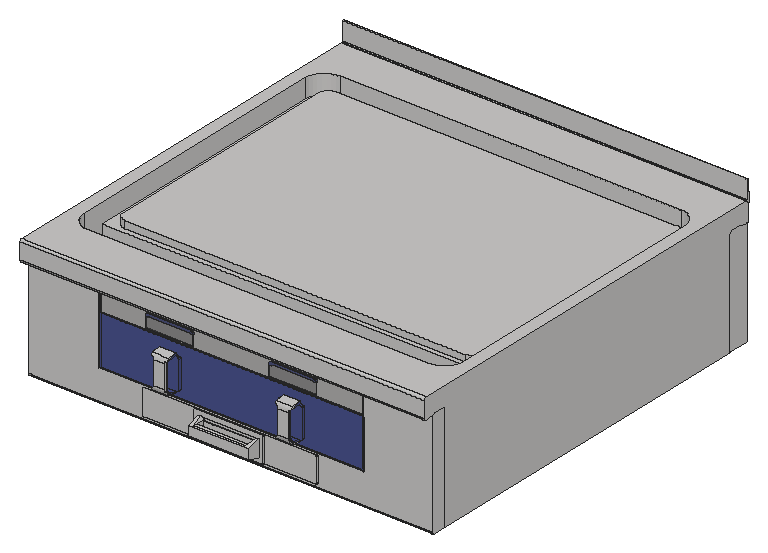
Revit family "QF_ELECTROLUXPROFESSIONAL_588059_MAHMABHOAO", category Specialty Equipment, Revit 2018
Family settings
  Round Connector Dimension = Use Diameter
  Part Type = Normal
  Work Plane-Based = No
  Always vertical = Yes
  Cut with Voids When Loaded = No
  Shared = No
  Room Calculation Point = No
Parameters
  Weight in Pounds = 264.6  # constant formula
  Watts = 15300 VA  # 15300 W
  Volts = 400 V  # constant formula
  URL Cutsheet = ""
  Type Mark [instance] = ""
  Status [instance] = ""
  Specification by User [instance] = ""
  Specification by Manufacturer = ""
  Show Clearance [instance] = yes
  Serial Number = ""
  Seismic Rating = ""
  SMACNA No = ""
  Revision Code [instance] = ""
  Phase = 3  # constant formula
  Omniclass Number and Title = ""
  Number of Poles [instance] = 1
  NAFEM Spec ID Number = ""
  Model = "588059"
  Min Ckt Ampacity = 0 A
  Max Overcurrent Protection = 0 A
  Masterspec = ""
  Manufacturer = "ELECTROLUX"
  Item Number [instance] = ""
  Installed By [instance] = ""
  Identify Quantity as Lot [instance] = yes
  HP = "20.5 HP"
  Furnished By [instance] = ""
  Foodservice Equipment Identifier [instance] = yes
  FL Amps [instance] = if(Phase = 3, Watts / (Volts * 1.73), Watts / Volts)  # 22.1098 A
  Electrical Remarks = "400 V/3N ph/50/60 Hz"  # constant formula
  Electric Connection Type [instance] = ""
  Elec Conn RI Height [instance] = 0 mm
  Elec Conn Connection Height [instance] = 0 mm
  Direct Waste Size = 0"
  Description = "EL.FRYTOP,SMOOTH PL,1S,BSPL,800X800X250"
  Cycle [instance] = if([60 Hertz Option], 60 Hz, 50 Hz)  # 60 Hz
  Conn Plug = ""
  Conn Conduit = yes
  CSI MasterFormat = ""
  CSI Master Format = ""
  Apparent Power [instance] = if(Phase = 3, Volts * FL Amps * 1.73, Volts * FL Amps)  # 15300 VA
  60 Hertz Option [instance] = not([50 Hertz Option])  # yes
  50 Hertz Option [instance] = no
Reference planes
  plane 1 "BACK": y = -100
  plane 2: z = 0
  plane 3 "LEFT": x = 0
  plane 4 "RIGHT": x = 800
  plane 5 "FRONT": y = -900
  plane 6 "TOP": z = 250
  plane 7: x = 400
  plane 8: y = -500
  plane 9: z = 582.185
  plane 10: y = -1330
Forms (mm)
  Extrusion 1, solid, material "QF_Finishes_Stainless Steel"
    sketch origin (0, -487.128, 0) x (0, 1, 0) y (0, 0, 1)
      loop
        line (383.128, 250) -> (-408.872, 250)
        arc (-408.872, 250) -> (-411.7, 248.828) -> (-412.872, 246) r 4
        line (-412.872, 246) -> (-412.872, 214)
        arc (-412.872, 214) -> (-411.443, 210.936) -> (-408.177, 210.061) r 4
        line (-408.177, 210.061) -> (-391.509, 213) -> (-366.872, 213) -> (-366.872, 0) -> (341.128, 0) -> (341.128, 213) -> (365.765, 213) -> (382.433, 210.061)
        arc (382.433, 210.061) -> (385.699, 210.936) -> (387.128, 214) r 4
        line (387.128, 214) -> (387.128, 246)
        arc (387.128, 246) -> (385.956, 248.828) -> (383.128, 250) r 4
    from 0 to 800
  Extrusion 2, void
    sketch origin (653.786, -55.952, 250) x (1, 0, 0) y (0, -1, 0)
      loop
        line (-590.636, 133.048) -> (83.064, 133.048)
        arc (83.064, 133.048) -> (110.04, 144.222) -> (121.214, 171.198) r 38.15
        line (121.214, 171.198) -> (121.214, 716.572)
        arc (121.214, 716.572) -> (109.944, 743.779) -> (82.737, 755.048) r 38.476
        line (82.737, 755.048) -> (-591.786, 755.048)
        arc (-591.786, 755.048) -> (-617.949, 744.211) -> (-628.786, 718.048) r 37
        line (-628.786, 718.048) -> (-628.786, 171.198)
        arc (-628.786, 171.198) -> (-617.613, 144.222) -> (-590.636, 133.048) r 38.15
    from 0 to 37
  Extrusion 3, void
    sketch origin (1307.573, -7.904, 213) x (0, 1, 0) y (1, 0, 0)
      loop
        line (-721.846, -532.573) -> (-764.62, -532.573)
        arc (-764.62, -532.573) -> (-791.827, -543.842) -> (-803.096, -571.049) r 38.476
        line (-803.096, -571.049) -> (-803.096, -1245.573)
        arc (-803.096, -1245.573) -> (-792.259, -1271.736) -> (-766.096, -1282.573) r 37
        line (-766.096, -1282.573) -> (-721.846, -1282.573) -> (-721.846, -532.573)
    from 0 to 25.6
  Extrusion 4, void
    sketch origin (1612.573, -7.904, 187.4) x (-1, 0, 0) y (0, 1, 0)
      loop
        circle (1212.573, -762.096) r 22.248
    from 0 to 92
  Extrusion 5, solid, material "QF_Finishes_Stainless Steel"
    sketch origin (0, -754, 0) x (1, 0, 0) y (0, -1, 0)
      loop
        circle (755, -69) r 6.35
    from 0 to 3.2
  Extrusion 6, solid, material "QF_Door-Drawer Clearances", visible <- "Show Clearance", detail levels coarse
    sketch origin (437.203, -881.593, 8.62) x (0, 0, 1) y (-1, 0, 0)
      loop
        line (1.973, -134.295) -> (49.317, -134.295)
        arc (49.317, -134.295) -> (50.776, -133.691) -> (51.38, -132.232) r 2.063
        line (51.38, -132.232) -> (51.38, 206.852)
        arc (51.38, 206.852) -> (50.88, 208.549) -> (49.541, 209.705) r 3.133
        line (49.541, 209.705) -> (3.067, 209.705)
        arc (3.067, 209.705) -> (0.898, 208.807) -> (0, 206.638) r 3.067
        line (0, 206.638) -> (0, -132.322)
        arc (0, -132.322) -> (0.578, -133.717) -> (1.973, -134.295) r 1.973
    from 0 to 448.407
  Extrusion 7, solid, material "QF_Finishes_Stainless Steel"
    sketch origin (0, 0, 0) x (0, 1, 0) y (0, 0, 1)
      loop
        line (-102.951, 2) -> (-102.951, 210.133)
        arc (-102.951, 210.133) -> (-103.795, 210.009) -> (-104.646, 210.066) r 4
        line (-104.646, 210.066) -> (-121.287, 213) -> (-145, 213) -> (-145, 0) -> (-104.951, 0)
        arc (-104.951, 0) -> (-103.537, 0.586) -> (-102.951, 2) r 2
      loop
        arc (-101.951, 252.006) -> (-102.537, 250.592) -> (-103.951, 250.006) r 2
        arc (-103.951, 250.006) -> (-101.172, 248.828) -> (-100, 246) r 4
        line (-100, 246) -> (-100, 288.006) -> (-101.951, 288.006) -> (-101.951, 252.006)
    from 800 to 0
  Extrusion 8, solid, material "QF_Finishes_Stainless Steel"
    sketch origin (1507.573, 11.171, 213) x (1, 0, 0) y (0, 1, 0)
      loop
        line (-1462.573, -228.484) -> (-1462.573, -712.608)
        arc (-1462.573, -712.608) -> (-1457.257, -725.442) -> (-1444.423, -730.758) r 18.15
        line (-1444.423, -730.758) -> (-770.723, -730.758)
        arc (-770.723, -730.758) -> (-757.889, -725.442) -> (-752.573, -712.608) r 18.15
        line (-752.573, -712.608) -> (-752.573, -228.484)
        arc (-752.573, -228.484) -> (-757.889, -215.65) -> (-770.723, -210.334) r 18.15
        line (-770.723, -210.334) -> (-1444.423, -210.334)
        arc (-1444.423, -210.334) -> (-1457.257, -215.65) -> (-1462.573, -228.484) r 18.15
    from 0 to 13.3
Cuts and joins
  Extrusion 2, Extrusion 3, Extrusion 4 cuts Extrusion 1
Lines and regions (mm)
  symbolic lines
    curve 1: line (261.519, -902.326, 0) -> (261.519, -900, 0)
    curve 2: spline (267.188, -903.73, 0) -> (266.709, -903.657, 0) -> (266.231, -903.575, 0) -> (265.754, -903.486, 0) -> (265.278, -903.389, 0) -> (264.804, -903.283, 0) -> (264.33, -903.17, 0) -> (263.858, -903.049, 0) -> (263.387, -902.92, 0) -> (262.918, -902.783, 0) -> (262.45, -902.638, 0) -> (261.984, -902.486, 0) -> (261.519, -902.326, 0)
    curve 3: line (293.735, -902.326, 0) -> (293.735, -900, 0)
    curve 4: spline (293.735, -902.326, 0) -> (293.27, -902.486, 0) -> (292.804, -902.638, 0) -> (292.337, -902.783, 0) -> (291.867, -902.92, 0) -> (291.396, -903.049, 0) -> (290.924, -903.17, 0) -> (290.451, -903.283, 0) -> (289.976, -903.389, 0) -> (289.5, -903.486, 0) -> (289.023, -903.575, 0) -> (288.545, -903.657, 0) -> (288.066, -903.73, 0)
    curve 5: line (267.188, -903.73, 0) -> (288.066, -903.73, 0)
    curve 6: line (538.481, -902.326, 0) -> (538.481, -900, 0)
    curve 7: spline (532.812, -903.73, 0) -> (533.291, -903.657, 0) -> (533.769, -903.575, 0) -> (534.246, -903.486, 0) -> (534.722, -903.389, 0) -> (535.196, -903.283, 0) -> (535.67, -903.17, 0) -> (536.142, -903.049, 0) -> (536.613, -902.92, 0) -> (537.082, -902.783, 0) -> (537.55, -902.638, 0) -> (538.016, -902.486, 0) -> (538.481, -902.326, 0)
    curve 8: line (506.265, -902.326, 0) -> (506.265, -900, 0)
    curve 9: spline (506.265, -902.326, 0) -> (506.73, -902.486, 0) -> (507.196, -902.638, 0) -> (507.663, -902.783, 0) -> (508.133, -902.92, 0) -> (508.604, -903.049, 0) -> (509.076, -903.17, 0) -> (509.549, -903.283, 0) -> (510.024, -903.389, 0) -> (510.5, -903.486, 0) -> (510.977, -903.575, 0) -> (511.455, -903.657, 0) -> (511.934, -903.73, 0)
    curve 10: line (532.812, -903.73, 0) -> (511.934, -903.73, 0)
    curve 11: line (25, -774, 0) -> (25, -227.15, 0)
    curve 12: arc (25, -227.15, 0) -> (36.174, -200.174, 0) -> (63.15, -189, 0) r 38.15
    curve 13: line (63.15, -189, 0) -> (736.85, -189, 0)
    curve 14: arc (736.85, -189, 0) -> (763.826, -200.174, 0) -> (775, -227.15, 0) r 38.15
    curve 15: line (775, -227.15, 0) -> (775, -772.524, 0)
    curve 16: arc (775, -772.524, 0) -> (763.731, -799.731, 0) -> (736.524, -811, 0) r 38.476
    curve 17: line (736.524, -811, 0) -> (62, -811, 0)
    curve 18: arc (62, -811, 0) -> (35.837, -800.163, 0) -> (25, -774, 0) r 37
    curve 19: line (775, -729.75, 0) -> (25, -729.75, 0)
    curve 20: circle (400, -770, 0) r 22.248 normal (0, 0, -1)
    curve 21: line (0, -100, 0) -> (800, -100, 0)
    curve 22: line (0, -900, 0) -> (0, -100, 0)
    curve 23: line (800, -900, 0) -> (0, -900, 0)
    curve 24: line (800, -100, 0) -> (800, -900, 0)
    curve 25: line (347.608, -908.767, 0) -> (450.042, -908.767, 0)
    curve 26: line (450.042, -908.767, 0) -> (451.588, -900, 0)
    curve 27: line (347.608, -908.767, 0) -> (346.062, -900, 0)
    curve 31: line (736.85, -199.163, 0) -> (63.15, -199.163, 0)
    curve 32: arc (63.15, -199.163, 0) -> (50.316, -204.479, 0) -> (45, -217.313, 0) r 18.15
    curve 33: line (45, -217.313, 0) -> (45, -701.437, 0)
    curve 34: arc (45, -701.437, 0) -> (50.316, -714.271, 0) -> (63.15, -719.587, 0) r 18.15
    curve 35: line (63.15, -719.587, 0) -> (736.85, -719.587, 0)
    curve 36: arc (736.85, -719.587, 0) -> (749.684, -714.271, 0) -> (755, -701.437, 0) r 18.15
    curve 37: line (755, -701.437, 0) -> (755, -217.313, 0)
    curve 38: arc (755, -217.313, 0) -> (749.684, -204.479, 0) -> (736.85, -199.163, 0) r 18.15
  symbolic lines, style "QF_Door-Drawer Clearances"
    curve 28: line (227.498, -1330, 0) -> (227.498, -900, 0)
    curve 29: line (227.498, -1330, 0) -> (571.498, -1330, 0)
    curve 30: line (571.498, -1330, 0) -> (571.498, -900, 0)
Dimensions and locks
  plane 3 "LEFT" to plane 4 "RIGHT" = 800 mm
  plane 5 "FRONT" to plane 1 "BACK" = 800 mm
  equal spacing: plane 3 "LEFT", plane 7, plane 4 "RIGHT"
  equal spacing: plane 5 "FRONT", plane 8, plane 1 "BACK"
  plane 6 "TOP" to level = 250 mm  (x2)
  plane 1 "BACK" to plane 5 "FRONT" = 800 mm
  Extrusion 5 sketch curve to plane 1 "BACK" = 585 mm
  Extrusion 5 sketch curve to plane 4 "RIGHT" = 45 mm
  plane 5 "FRONT" to plane 10 = 430 mm
  radius of Extrusion 8 sketch curve = 18.15 mm  (x4)
  aligned and locked: level to plane 2
  aligned and locked: Extrusion 6 to plane 10
  aligned and locked: cut or joined group of Extrusion 1, Extrusion 2, Extrusion 3, Extrusion 4 to plane 4 "RIGHT"
  aligned and locked: plane 7 to nested 1
  aligned and locked: Extrusion 7 to plane 4 "RIGHT"
Automatic sketch dimensions
  Extrusion 1 to Extrusion 2 sketch curve = 85 mm  (x2)
  Extrusion 1 to Extrusion 2 sketch curve = 122 mm
  Extrusion 1 to Extrusion 2 sketch curve = 25 mm
  Extrusion 2 sketch curve to Extrusion 2 sketch curve = 38.15 mm  (x2)
  Extrusion 1 to Extrusion 2 sketch curve = 123.476 mm
  Extrusion 2 sketch curve to Extrusion 2 sketch curve = 674.524 mm
  Extrusion 1 sketch curve to plane 5 "FRONT" = 0 mm
  Extrusion 1 sketch curve to plane 6 "TOP" = 0 mm
  Extrusion 1 sketch curve to level = 0 mm
  Extrusion 1 sketch curve to plane 1 "BACK" = 0 mm
  Extrusion 1 sketch curve to plane 6 "TOP" = 37 mm  (x2)
  Extrusion 1 sketch curve to plane 5 "FRONT" = 4 mm
  Extrusion 1 sketch curve to plane 5 "FRONT" = 21.363 mm
  Extrusion 1 sketch curve to plane 5 "FRONT" = 46 mm
  plane 1 "BACK" to Extrusion 1 sketch curve = 21.363 mm
  plane 1 "BACK" to Extrusion 1 sketch curve = 4 mm  (x2)
  Extrusion 1 sketch curve to Extrusion 1 sketch curve = 4 mm
  Extrusion 1 sketch curve to Extrusion 1 sketch curve = 0.695 mm
  Extrusion 1 sketch curve to Extrusion 1 sketch curve = 0 mm  (x4)
  plane 1 "BACK" to Extrusion 1 sketch curve = 4.695 mm
  Extrusion 1 sketch curve to Extrusion 1 sketch curve = 1 mm  (x2)
  plane 1 "BACK" to Extrusion 1 sketch curve = 46 mm
  Extrusion 3 sketch curve to Extrusion 2 = 81.25 mm
  Extrusion 2 to Extrusion 3 sketch curve = 0 mm  (x2)
  Extrusion 3 sketch curve to Extrusion 3 sketch curve = 37 mm
  Extrusion 3 sketch curve to Extrusion 3 sketch curve = 674.524 mm
  Extrusion 3 sketch curve to Extrusion 2 = 38.476 mm
  Extrusion 4 sketch curve to Extrusion 3 = 41 mm
  Extrusion 4 sketch curve to Extrusion 3 = 375 mm
  plane 1 "BACK" to curve 21 = 0 mm
  curve 21 to plane 4 "RIGHT" = 0 mm
  curve 28 to plane 10 = 0 mm
  curve 22 to plane 3 "LEFT" = 0 mm
  plane 5 "FRONT" to curve 30 = 0 mm
  plane 4 "RIGHT" to curve 15 = 25 mm
  curve 15 to curve 13 = 38.15 mm
  curve 16 to curve 17 = 38.476 mm
  plane 5 "FRONT" to curve 6 = 2.326 mm
  plane 7 to curve 6 = 138.481 mm
  plane 5 "FRONT" to curve 10 = 3.73 mm
  curve 7 to curve 10 = 5.669 mm
  plane 5 "FRONT" to curve 26 = 8.767 mm
  curve 7 to curve 26 = 82.77 mm
  curve 10 to curve 25 = 61.891 mm
  plane 5 "FRONT" to curve 8 = 2.326 mm
  curve 10 to curve 8 = 5.669 mm
  plane 5 "FRONT" to curve 3 = 2.326 mm
  curve 3 to plane 7 = 106.265 mm
  plane 5 "FRONT" to curve 5 = 3.73 mm
  curve 3 to curve 5 = 5.669 mm
  curve 27 to curve 5 = 59.542 mm
  curve 25 to curve 5 = 80.42 mm
  plane 5 "FRONT" to curve 1 = 2.326 mm
  curve 2 to curve 1 = 5.669 mm
  plane 3 "LEFT" to curve 13 = 63.15 mm
  plane 3 "LEFT" to curve 17 = 62 mm
  plane 3 "LEFT" to curve 28 = 227.498 mm
  plane 3 "LEFT" to curve 11 = 25 mm
  plane 4 "RIGHT" to curve 30 = 228.502 mm
  curve 6 to curve 7 = 9.839 mm
  curve 7 to curve 9 = 12.538 mm
  curve 9 to curve 26 = 64.516 mm
  plane 5 "FRONT" to curve 4 = 4.032 mm
  curve 5 to curve 4 = 4.17 mm
  curve 27 to curve 4 = 62.166 mm
  curve 4 to curve 2 = 12.538 mm
  curve 20 to curve 18 = 338 mm
  plane 1 "BACK" to curve 13 = 89 mm
  curve 15 to plane 5 "FRONT" = 127.476 mm
  curve 19 to curve 18 = 44.25 mm
  curve 20 to curve 18 = 4 mm
  curve 7 to plane 5 "FRONT" = 39.101 mm
  curve 9 to curve 7 = 0 mm
  curve 2 to curve 4 = 0 mm
  level to Extrusion 6 sketch curve = 8.62 mm
  level to Extrusion 6 sketch curve = 57.937 mm
  plane 7 to Extrusion 6 sketch curve = 171.498 mm
  Extrusion 6 sketch curve to Extrusion 6 sketch curve = 1.973 mm
  Extrusion 6 sketch curve to Extrusion 6 sketch curve = 3.067 mm
  Extrusion 6 sketch curve to Extrusion 6 sketch curve = 46.474 mm
  Extrusion 6 sketch curve to Extrusion 6 sketch curve = 2.063 mm
  Extrusion 6 sketch curve to Extrusion 6 sketch curve = 3.133 mm
  Extrusion 6 sketch curve to plane 7 = 169.435 mm
  Extrusion 7 sketch curve to level = 0 mm
  Extrusion 7 sketch curve to plane 1 "BACK" = 0 mm  (x2)
  level to Extrusion 7 sketch curve = 2 mm
  Extrusion 7 sketch curve to plane 6 "TOP" = 0 mm
  plane 1 "BACK" to Extrusion 7 sketch curve = 1.951 mm
  plane 1 "BACK" to Extrusion 7 sketch curve = 2.951 mm
  Extrusion 7 sketch curve to Extrusion 7 sketch curve = 18.335 mm
  Extrusion 7 sketch curve to Extrusion 7 sketch curve = 40.049 mm
  Extrusion 7 sketch curve to Extrusion 7 sketch curve = 1.695 mm
  Extrusion 7 sketch curve to Extrusion 7 sketch curve = 0 mm  (x3)
  plane 1 "BACK" to Extrusion 7 sketch curve = 4 mm
  plane 1 "BACK" to Extrusion 7 sketch curve = 3.951 mm
  Extrusion 7 sketch curve to Extrusion 7 sketch curve = 2 mm
  Extrusion 7 sketch curve to Extrusion 7 sketch curve = 35.867 mm
  Extrusion 7 sketch curve to plane 6 "TOP" = 37 mm
  plane 6 "TOP" to Extrusion 7 sketch curve = 2.006 mm
  Extrusion 7 sketch curve to Extrusion 7 sketch curve = 36 mm
  Extrusion 7 sketch curve to Extrusion 7 sketch curve = 0.066 mm
  Extrusion 8 sketch curve to Extrusion 2 = 109.563 mm
  Extrusion 8 sketch curve to Extrusion 2 = 20 mm
  Extrusion 8 sketch curve to Extrusion 2 = 28.313 mm
  Extrusion 8 sketch curve to Extrusion 2 = 711.85 mm
  Extrusion 8 sketch curve to Extrusion 8 sketch curve = 0 mm
  plane 4 "RIGHT" to curve 37 = 45 mm
  plane 4 "RIGHT" to curve 31 = 63.15 mm
  plane 1 "BACK" to curve 31 = 99.163 mm
  curve 36 to curve 35 = 18.15 mm
  curve 31 to curve 13 = 0 mm
  curve 35 to curve 19 = 38.15 mm
  curve 34 to curve 33 = 18.15 mm
  curve 33 to curve 19 = 28.313 mm
  radius of Extrusion 4 sketch curve = 22.248 mm
  radius of Extrusion 5 sketch curve = 6.35 mm
  radius of curve 20 = 22.248 mm
Nested families
  nested 1: "EG_800_800 Front Panel with Center Grease Trap" at (402.376, -854, -650), type "EG_800_800 Front Panel with Center Grease Trap"
    with Width 800 mm
Connectors
  electrical at (755, -685, -3.2), driven by "Volts", driven by "Watts"
    settings: on Extrusion 5, index 1, voltage 400 V, apparent load 15300 VA, apparent load phase1 0 VA, apparent load phase2 0 VA, apparent load phase3 0 VA, power factor 1, load classification "Other", number of poles 1, system type 30, power factor state 1, is connector primary yes, connector utility no, sub classification motor no, connector description "ELECTRICAL CONNECTION"
Definition of nested family "EG_800_800 Front Panel with Center Grease Trap"
  Parameters
    Width [instance] = 800 mm
  Reference planes
    plane 1 "Center (Front/Back)": y = 0
    plane 2: z = 0
    plane 3 "Center (Left/Right)": x = -2.376
    plane 4: x = -402.376
    plane 5: x = 397.624
  Forms (mm)
    Extrusion 1, solid
      sketch origin (833.217, 829.203, -1.25) x (0, 1, 0) y (0, 0, 1)
        loop
          arc (-854.203, 654.25) -> (-853.324, 652.129) -> (-851.203, 651.25) r 3
          line (-851.203, 651.25) -> (-829.203, 651.25) -> (-829.203, 864.25) -> (-854.203, 864.25) -> (-854.203, 654.25)
      from -1235.593 to -435.593
    Extrusion 2, void
      sketch origin (33.217, 829.203, -1.25) x (1, 0, 0) y (0, 0, 1)
        loop
          line (-298.093, 855.116) -> (-298.093, 713.116) -> (226.907, 713.116) -> (226.907, 855.116) -> (-298.093, 855.116)
      from 848.59 to 854.203
  Cuts and joins
    Extrusion 2 cuts Extrusion 1
  Dimensions and locks
    equal spacing: plane 5, plane 3 "Center (Left/Right)", plane 4
    "Width": plane 5 to plane 4
    aligned and locked: cut or joined group of Extrusion 1, Extrusion 2 to plane 4
    aligned and locked: plane 5 to cut or joined group of Extrusion 1, Extrusion 2
    aligned and locked: plane 3 "Center (Left/Right)" to nested 2
    aligned and locked: cut or joined group of Extrusion 1, Extrusion 2 to nested 2
  Automatic sketch dimensions
    Extrusion 1 sketch curve to plane 1 "Center (Front/Back)" = 0 mm
    plane 1 "Center (Front/Back)" to Extrusion 1 sketch curve = 22 mm
    Extrusion 1 sketch curve to Extrusion 1 sketch curve = 3 mm
    level to Extrusion 1 sketch curve = 650 mm
    Extrusion 1 sketch curve to Extrusion 1 sketch curve = 210 mm
    plane 4 to Extrusion 2 sketch curve = 137.5 mm
    Extrusion 2 sketch curve to plane 5 = 137.5 mm
    level to Extrusion 2 sketch curve = 711.866 mm
    Extrusion 2 sketch curve to Extrusion 2 sketch curve = 142 mm
  Nested families
    nested 1: "Range Control Handle" at (-124.522, -28.137, -209.113) x (-1, 0, 0) z (0, 0, 1), type "Range Control Handle"
    nested 2: "800 Panel - Glass conrol panel" at (-30.376, 280.644, 2.752), type "800 Panel - Glass conrol panel"
      with Width 525 mm
    nested 3: "800 Panel - Grease trap door" at (65.223, -25, 0.608) x (-1, 0, 0) z (0, 0, 1), type "800 Panel - Grease trap door"
    nested 4: "Range Control Handle" at (119.771, -28.137, -209.113), type "Range Control Handle"
  Definition of nested family "Range Control Handle"
    Reference planes
      plane 1 "Center (Front/Back)": y = 0
      plane 2: z = 0
      plane 3 "Center (Left/Right)": x = 0
      plane 4: z = 971.092
    Forms (mm)
      Extrusion 1, solid
        sketch origin (-746.28, 380.497, 208.931) x (-1, 0, 0) y (0, 0, 1)
          loop
            line (-770.101, 786.798) -> (-770.101, 731.649)
            arc (-770.101, 731.649) -> (-769.759, 730.563) -> (-768.855, 729.87) r 1.893
            line (-768.855, 729.87) -> (-763.474, 727.911) -> (-729.81, 727.911) -> (-724.428, 729.87)
            arc (-724.428, 729.87) -> (-723.525, 730.563) -> (-723.183, 731.649) r 1.893
            line (-723.183, 731.649) -> (-723.183, 786.798)
            arc (-723.183, 786.798) -> (-723.529, 787.894) -> (-724.44, 788.593) r 1.91
            line (-724.44, 788.593) -> (-729.683, 790.819) -> (-763.601, 790.819) -> (-768.844, 788.593)
            arc (-768.844, 788.593) -> (-769.755, 787.894) -> (-770.101, 786.798) r 1.91
        from -382.35 to -378.852
      Sweep 2, solid
        path origin (-746.788, 380.496, 208.091) x (0, -1, 0) y (0, 0, 1)
          loop
            line (379.775, 793.281) -> (395.661, 791.048)
            arc (395.661, 791.048) -> (397.781, 787.377) -> (398.517, 783.202) r 12.207
            line (398.517, 783.202) -> (398.517, 737.368)
            arc (398.517, 737.368) -> (397.781, 733.193) -> (395.661, 729.522) r 12.207
            line (395.661, 729.522) -> (379.775, 727.289)
        profile origin (-746.788, -7.222, 1000.256) x (0, -0.139173, 0.990268) y (-1, 0, 0)
          loop
            line (0.782, -763.123) -> (0.782, -730.907) -> (-1.322, -730.907) -> (-1.322, -763.123) -> (0.782, -763.123)
      Sweep 3, solid
        path origin (-746.788, 380.715, 207.832) x (0, -1, 0) y (0, 0, 1)
          loop
            line (380.478, 795.442) -> (397.218, 793.09)
            arc (397.218, 793.09) -> (399.929, 788.473) -> (400.871, 783.202) r 15.207
            line (400.871, 783.202) -> (400.871, 737.584)
            arc (400.871, 737.584) -> (399.914, 732.274) -> (397.164, 727.633) r 15.207
            line (397.164, 727.633) -> (380.601, 725.305)
        profile origin (-746.788, -8.132, 1002.099) x (0, -0.139173, 0.990268) y (-1, 0, 0)
          loop
            line (0.782, -763.123) -> (0.782, -730.907) -> (-1.322, -730.907) -> (-1.322, -763.123) -> (0.782, -763.123)
      Extrusion 4, void
        sketch origin (889.253, 220.666, 207.993) x (1, 0, 0) y (0, 0, 1)
          loop
            line (-943.038, 816.854) -> (-943.038, 703.686) -> (-899.466, 734.196) -> (-899.466, 786.344) -> (-943.038, 816.854)
        from 230.636 to 242.25
      Extrusion 5, void
        sketch origin (-888.8, 220.666, 207.993) x (-1, 0, 0) y (0, 0, -1)
          loop
            line (-943.038, -816.854) -> (-899.466, -786.344) -> (-899.466, -734.196) -> (-943.038, -703.686) -> (-943.038, -816.854)
        from 230.636 to 242.25
      Extrusion 6, solid
        sketch origin (0, 0, 0) x (1, 0, 0) y (0, 0, 1)
          loop
            circle (0, 971.092) r 7.736
        from -3.137 to -1.645
    Cuts and joins
      Extrusion 4, Extrusion 5 cuts Sweep 3
      Extrusion 4, Extrusion 5 cuts Sweep 2
      joined: Extrusion 1, Extrusion 6
    Lines and regions (mm)
      symbolic lines
        curve 1: line (23.821, 1.645, 0) -> (-23.097, 1.645, 0)
        curve 2: line (16.334, -1.853, 0) -> (23.821, -1.853, 0)
        curve 3: line (-15.881, -19.189, 0) -> (-15.881, -1.853, 0)
        curve 4: line (-23.097, -1.853, 0) -> (-15.881, -1.853, 0)
        curve 5: line (16.334, -19.189, 0) -> (16.334, -1.853, 0)
        curve 6: spline (-15.881, -19.189, 0) -> (-15.417, -19.349, 0) -> (-14.951, -19.501, 0) -> (-14.483, -19.646, 0) -> (-14.014, -19.783, 0) -> (-13.543, -19.912, 0) -> (-13.071, -20.033, 0) -> (-12.597, -20.146, 0) -> (-12.122, -20.251, 0) -> (-11.646, -20.349, 0) -> (-11.169, -20.438, 0) -> (-10.691, -20.52, 0) -> (-10.213, -20.593, 0)
        curve 7: spline (10.666, -20.593, 0) -> (11.144, -20.52, 0) -> (11.622, -20.438, 0) -> (12.099, -20.349, 0) -> (12.575, -20.251, 0) -> (13.05, -20.146, 0) -> (13.524, -20.033, 0) -> (13.996, -19.912, 0) -> (14.467, -19.783, 0) -> (14.936, -19.646, 0) -> (15.404, -19.501, 0) -> (15.87, -19.349, 0) -> (16.334, -19.189, 0)
        curve 8: line (-10.213, -20.938, 0) -> (10.716, -20.938, 0)
        curve 9: line (-23.097, 1.645, 0) -> (-23.097, -1.853, 0)
        curve 10: line (23.821, 1.645, 0) -> (23.821, -1.853, 0)
  Definition of nested family "800 Panel - Glass conrol panel"
    Parameters
      Width [instance] = 525 mm
    Reference planes
      plane 1 "Center (Front/Back)": y = 0
      plane 2: z = 0
      plane 3 "Center (Left/Right)": x = 28
      plane 4: x = -234.5
      plane 5: x = 290.5
    Forms (mm)
      Extrusion 1, solid
        sketch origin (378.286, 0, 0.617) x (1, 0, 0) y (0, 0, 1)
          loop
            line (-612.786, 806.791) -> (-612.786, 708.497) -> (-87.786, 708.497) -> (-87.786, 806.791) -> (-612.786, 806.791)
        from 300.031 to 304.8
      Extrusion 2, solid
        sketch origin (378.286, 0, 0.617) x (1, 0, 0) y (0, 0, 1)
          loop
            line (-612.786, 850.497) -> (-612.786, 806.791) -> (-87.786, 806.791) -> (-87.786, 850.497) -> (-612.786, 850.497)
        from 300.031 to 304.8
      Extrusion 3, void
        sketch origin (378.286, 0, 0.617) x (1, 0, 0) y (0, 0, 1)
          loop
            line (-610.128, 847.565) -> (-610.128, 710.699) -> (-90.696, 710.699) -> (-90.696, 847.565) -> (-610.128, 847.565)
        from 303.697 to 304.8
      Extrusion 4, solid
        sketch origin (-430.455, 1.101, -0.633) x (-1, 0, 0) y (0, 0, -1)
          loop
            line (-289.431, -812.62) -> (-383.186, -812.62) -> (-383.186, -834.177) -> (-378.269, -834.177) -> (-376.469, -835.977) -> (-296.039, -835.977) -> (-294.24, -834.177) -> (-289.431, -834.177) -> (-289.431, -812.62)
        from 304.798 to 306.745
      Extrusion 5, solid
        sketch origin (-430.455, 1.101, -0.633) x (-1, 0, 0) y (0, 0, -1)
          loop
            line (-378.269, -834.177) -> (-383.078, -834.177)
            arc (-383.078, -834.177) -> (-381.942, -838.747) -> (-377.686, -840.763) r 5.5
            line (-377.686, -840.763) -> (-294.98, -840.763)
            arc (-294.98, -840.763) -> (-290.706, -838.752) -> (-289.529, -834.177) r 5.549
            line (-289.529, -834.177) -> (-294.24, -834.177) -> (-296.039, -835.977) -> (-376.469, -835.977) -> (-378.269, -834.177)
        from 304.798 to 306.745
      Extrusion 6, solid
        sketch origin (486.455, 1.101, -0.633) x (1, 0, 0) y (0, 0, 1)
          loop
            line (-289.431, 812.62) -> (-289.431, 834.177) -> (-294.24, 834.177) -> (-296.039, 835.977) -> (-376.469, 835.977) -> (-378.269, 834.177) -> (-383.186, 834.177) -> (-383.186, 812.62) -> (-289.431, 812.62)
        from 304.798 to 306.745
      Extrusion 7, solid
        sketch origin (486.455, 1.101, -0.633) x (1, 0, 0) y (0, 0, 1)
          loop
            line (-378.269, 834.177) -> (-376.469, 835.977) -> (-296.039, 835.977) -> (-294.24, 834.177) -> (-289.529, 834.177)
            arc (-289.529, 834.177) -> (-290.706, 838.752) -> (-294.98, 840.763) r 5.549
            line (-294.98, 840.763) -> (-377.686, 840.763)
            arc (-377.686, 840.763) -> (-381.942, 838.747) -> (-383.078, 834.177) r 5.5
            line (-383.078, 834.177) -> (-378.269, 834.177)
        from 304.798 to 306.745
    Cuts and joins
      Extrusion 3 cuts Extrusion 1
      Extrusion 3 cuts Extrusion 2
    Dimensions and locks
      "Width": plane 5 to plane 4
      equal spacing: plane 5, plane 3 "Center (Left/Right)", plane 4
      aligned and locked: Extrusion 1 to Extrusion 2
      aligned and locked: Extrusion 5 to Extrusion 4
      aligned and locked: plane 5 to cut or joined group of Extrusion 1, Extrusion 3
      aligned and locked: plane 5 to cut or joined group of Extrusion 2, Extrusion 3
      aligned and locked: cut or joined group of Extrusion 1, Extrusion 3 to plane 4
      aligned and locked: cut or joined group of Extrusion 2, Extrusion 3 to plane 4
      aligned and locked: Extrusion 7 to Extrusion 6
    Automatic sketch dimensions
      Extrusion 1 sketch curve to plane 4 = 0 mm
      Extrusion 1 sketch curve to plane 5 = 0 mm
      level to Extrusion 1 sketch curve = 709.114 mm
      Extrusion 1 sketch curve to Extrusion 1 sketch curve = 98.294 mm
      Extrusion 2 sketch curve to plane 4 = 0 mm
      Extrusion 2 sketch curve to plane 5 = 0 mm
      level to Extrusion 2 sketch curve = 807.408 mm
      Extrusion 2 sketch curve to Extrusion 2 sketch curve = 43.706 mm
      plane 4 to Extrusion 3 sketch curve = 2.658 mm
      level to Extrusion 3 sketch curve = 711.316 mm
      Extrusion 3 sketch curve to plane 5 = 2.909 mm
      Extrusion 3 sketch curve to Extrusion 3 sketch curve = 136.866 mm
      Extrusion 4 sketch curve to plane 3 "Center (Left/Right)" = 75.269 mm
      plane 4 to Extrusion 4 sketch curve = 100.084 mm
      level to Extrusion 4 sketch curve = 835.343 mm
      Extrusion 4 sketch curve to Extrusion 4 sketch curve = 4.917 mm
      Extrusion 4 sketch curve to Extrusion 4 sketch curve = 1.8 mm  (x4)
      Extrusion 4 sketch curve to Extrusion 4 sketch curve = 4.809 mm
      Extrusion 4 sketch curve to Extrusion 4 sketch curve = 21.557 mm
      Extrusion 5 sketch curve to plane 3 "Center (Left/Right)" = 75.377 mm
      Extrusion 5 sketch curve to plane 3 "Center (Left/Right)" = 80.769 mm
      level to Extrusion 5 sketch curve = 840.129 mm
      Extrusion 5 sketch curve to Extrusion 5 sketch curve = 0.583 mm
      Extrusion 5 sketch curve to Extrusion 5 sketch curve = 1.217 mm
      Extrusion 5 sketch curve to Extrusion 5 sketch curve = 80.43 mm
      Extrusion 5 sketch curve to Extrusion 5 sketch curve = 1.059 mm
      Extrusion 5 sketch curve to Extrusion 5 sketch curve = 0.741 mm
      Extrusion 5 sketch curve to Extrusion 5 sketch curve = 4.711 mm
      Extrusion 5 sketch curve to Extrusion 5 sketch curve = 4.786 mm
      Extrusion 5 sketch curve to Extrusion 5 sketch curve = 1.8 mm  (x2)
      plane 3 "Center (Left/Right)" to Extrusion 6 sketch curve = 75.269 mm
      level to Extrusion 6 sketch curve = 811.987 mm
      Extrusion 6 sketch curve to Extrusion 6 sketch curve = 4.917 mm
      Extrusion 6 sketch curve to Extrusion 6 sketch curve = 1.8 mm  (x3)
      Extrusion 6 sketch curve to Extrusion 6 sketch curve = 80.43 mm
      Extrusion 6 sketch curve to Extrusion 6 sketch curve = 4.809 mm
      Extrusion 6 sketch curve to Extrusion 6 sketch curve = 21.557 mm  (x2)
      plane 3 "Center (Left/Right)" to Extrusion 7 sketch curve = 75.377 mm
      plane 3 "Center (Left/Right)" to Extrusion 7 sketch curve = 80.186 mm
      level to Extrusion 7 sketch curve = 833.543 mm
      Extrusion 7 sketch curve to Extrusion 7 sketch curve = 0.583 mm
      Extrusion 7 sketch curve to Extrusion 7 sketch curve = 1.217 mm
      Extrusion 7 sketch curve to Extrusion 7 sketch curve = 80.43 mm
      Extrusion 7 sketch curve to Extrusion 7 sketch curve = 1.059 mm
      Extrusion 7 sketch curve to Extrusion 7 sketch curve = 0.741 mm
      Extrusion 7 sketch curve to Extrusion 7 sketch curve = 4.711 mm
      Extrusion 7 sketch curve to Extrusion 7 sketch curve = 0 mm
      Extrusion 7 sketch curve to Extrusion 7 sketch curve = 1.8 mm
      Extrusion 7 sketch curve to Extrusion 7 sketch curve = 4.786 mm
  Definition of nested family "800 Panel - Grease trap door"
    Reference planes
      plane 1 "Center (Front/Back)": y = 0
      plane 2: z = 0
      plane 3 "Center (Left/Right)": x = 0
    Forms (mm)
      Extrusion 1, solid
        sketch origin (1627.55, 854.203, -1.25) x (1, 0, 0) y (0, 0, 1)
          loop
            arc (-1627.55, 661.235) -> (-1626.972, 659.84) -> (-1625.577, 659.262) r 1.973
            line (-1625.577, 659.262) -> (-1494.325, 659.262)
            arc (-1494.325, 659.262) -> (-1492.156, 660.16) -> (-1491.258, 662.329) r 3.067
            line (-1491.258, 662.329) -> (-1491.258, 708.803)
            arc (-1491.258, 708.803) -> (-1492.414, 710.143) -> (-1494.111, 710.642) r 3.133
            line (-1494.111, 710.642) -> (-1625.486, 710.642)
            arc (-1625.486, 710.642) -> (-1626.945, 710.038) -> (-1627.55, 708.579) r 2.063
            line (-1627.55, 708.579) -> (-1627.55, 661.235)
        from 856.795 to 859.203
      Extrusion 2, solid
        sketch origin (445.874, 2476.61, 0) x (0, 1, 0) y (0, 0, 1)
          loop
            line (-2506.377, 675.273) -> (-2481.61, 667.505) -> (-2481.61, 700.995) -> (-2506.377, 693.227) -> (-2506.377, 675.273)
        from -437.68 to -317.68
      Extrusion 3, void
        sketch origin (1627.55, 854.203, -1.25) x (1, 0, 0) y (0, 0, 1)
          loop
            line (-1614.883, 703) -> (-1610.542, 695.433) -> (-1508.17, 695.433) -> (-1503.828, 703) -> (-1614.883, 703)
          loop
            line (-1614.883, 668) -> (-1502.669, 668) -> (-1507.01, 675.567) -> (-1610.542, 675.567) -> (-1614.883, 668)
        from 832.916 to 883.97
      Extrusion 4, void
        sketch origin (447.55, 854.203, -1.25) x (1, 0, 0) y (0, 0, 1)
          loop
            line (-430.542, 695.433) -> (-430.542, 675.567) -> (-328.17, 675.567) -> (-328.17, 695.433) -> (-430.542, 695.433)
        from 859.203 to 874.202
      Extrusion 5, solid
        sketch origin (1627.55, 854.203, -1.25) x (1, 0, 0) y (0, 0, 1)
          loop
            line (-1390.516, 710.642) -> (-1729.386, 710.642)
            arc (-1729.386, 710.642) -> (-1730.845, 710.038) -> (-1731.449, 708.579) r 2.063
            line (-1731.449, 708.579) -> (-1731.449, 661.235)
            arc (-1731.449, 661.235) -> (-1730.871, 659.84) -> (-1729.476, 659.262) r 1.973
            line (-1729.476, 659.262) -> (-1390.516, 659.262)
            arc (-1390.516, 659.262) -> (-1388.347, 660.16) -> (-1387.449, 662.329) r 3.067
            line (-1387.449, 662.329) -> (-1387.449, 707.485)
            arc (-1387.449, 707.485) -> (-1388.347, 709.653) -> (-1390.516, 710.552) r 3.067
        from 854.203 to 856.795
    Cuts and joins
      Extrusion 3 cuts Extrusion 1
      Extrusion 3, Extrusion 4 cuts Extrusion 2
      joined: Extrusion 1, Extrusion 2
    Lines and regions (mm)
      symbolic lines
        curve 1: line (0, -2.593, 0) -> (136.292, -2.593, 0)
        curve 2: line (17.557, -29.767, 0) -> (12.667, -2.593, 0)
        curve 3: line (17.557, -29.767, 0) -> (119.991, -29.767, 0)
        curve 4: line (119.991, -29.767, 0) -> (124.881, -2.593, 0)
        curve 5: line (68.146, -2.593, 0) -> (68.146, -29.767, 0)
      model lines
        curve 6: line (67.599, 0, 658.012) -> (67.599, 0, 709.392)
    Dimensions and locks
      aligned and locked: Extrusion 2 to Extrusion 1
      aligned and locked: Extrusion 3 to Extrusion 2
      aligned and locked: Extrusion 4 to Extrusion 1
